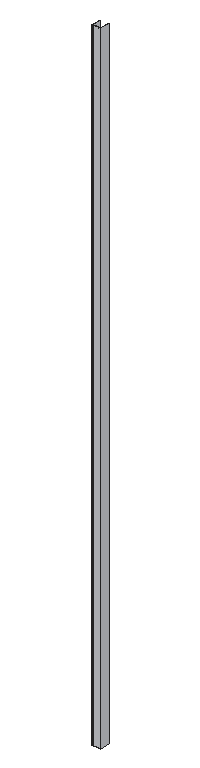
Revit family "Strut", category 柱, Revit 2018
Family settings
  OmniClass 编号 = 23.25.30.11.14.11
  OmniClass 标题 = Columns
  加载时剪切的空心 = 否
  将几何图形自动连接到墙 = 是
  共享 = 否
  在平面视图中显示族的预剪切 = 是
Parameters (values of type "类型 2")
  部件代码 = "B1010200"
  Depth = 2' - 0"
  Material = none
  Offset Base = 0' - 0"
  Offset Top = 0' - 0"
  Width = 2' - 0"
Types (2): name
  1.5" x 1.5"
  类型 2
Reference planes (in)
  plane 1: y = 0
  plane 2: z = 0
  plane 3: x = 0
  plane 4: z = 108
  plane 5: z = 0
Forms (in)
  Extrusion 1, solid, material <- "Material"
    sketch origin (0, 0, 0) x (1, 0, 0) y (0, 1, 0)
      loop
        line (-0.75, -0.75) -> (0.75, -0.75) -> (0.75, 0.75) -> (0.6875, 0.75) -> (0.6875, -0.6875) -> (-0.6875, -0.6875) -> (-0.6875, 0.75) -> (-0.75, 0.75) -> (-0.75, -0.75)
    from 0 to 108
Dimensions and locks (in)
  "Offset Base": plane 5 to level
  "Offset Top": level to plane 4
  locked: Extrusion 1 sketch curve to Extrusion 1 sketch curve at 0.0625  (x3)
  locked: Extrusion 1 to Extrusion 1 at 1.5  (x3)
  equal spacing: Extrusion 1, plane 1, Extrusion 1
  equal spacing: Extrusion 1, plane 3, Extrusion 1
  aligned and locked: Extrusion 1 to plane 5
  aligned and locked: plane 4 to Extrusion 1
Automatic sketch dimensions
  Extrusion 1 sketch curve to plane 3 = 0' - 0 3/4"
  plane 3 to Extrusion 1 sketch curve = 0' - 0 11/16"
  plane 1 to Extrusion 1 sketch curve = 0' - 0 3/4"
  Extrusion 1 sketch curve to plane 1 = 0' - 0 3/4"  (x2)
